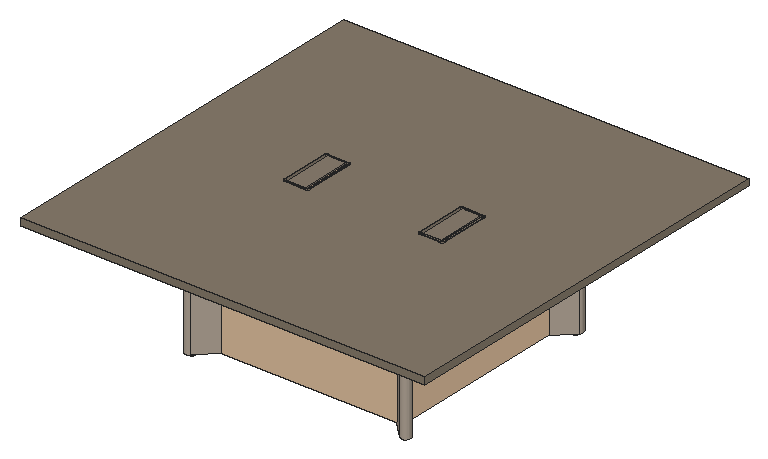
Revit family "Table-Teknion-CFSFFN_Figure_Table_Square_Gable_Enclosed_Base_Flat_Edge-R2023", category Furniture, Revit 2023 (continued)
Definition of nested family "Base"
  Dimensions and locks (in)
    aligned and locked: curve 11 to cut or joined group of Sweep 2, Sweep 3, Sweep 4
    aligned and locked: cut or joined group of Sweep 2, Sweep 3, Sweep 4 to curve 12
    aligned and locked: cut or joined group of Sweep 2, Sweep 3, Sweep 4 to curve 13
    aligned and locked: curve 14 to cut or joined group of Sweep 2, Sweep 3, Sweep 4
    aligned and locked: cut or joined group of Sweep 2, Sweep 3, Sweep 4 to curve 17
    aligned and locked: curve 18 to cut or joined group of Sweep 2, Sweep 3, Sweep 4
    aligned and locked: cut or joined group of Sweep 2, Sweep 3, Sweep 4 to curve 20
    aligned and locked: curve 21 to cut or joined group of Sweep 2, Sweep 3, Sweep 4
    aligned and locked: cut or joined group of Sweep 2, Sweep 3, Sweep 4 to curve 22
    aligned and locked: curve 23 to cut or joined group of Sweep 2, Sweep 3, Sweep 4
    aligned and locked: curve 33 to plane 27
    aligned and locked: curve 34 to plane 24
    aligned and locked: curve 35 to plane 23
    aligned and locked: curve 36 to plane 29
    aligned and locked: curve 37 to plane 28
    aligned and locked: curve 38 to plane 26
    aligned and locked: curve 39 to plane 25
    aligned and locked: curve 40 to plane 30
  Automatic sketch dimensions
    Sweep 2 sketch curve to profile plane = 0.000"  (x2)
    plane 1 "Center Front/Back" to Sweep 2 sketch curve = 0.000"  (x2)
    Sweep 2 sketch curve to Sweep 2 sketch curve = 0.70711"  (x10)
    plane 1 "Center Front/Back" to Sweep 2 sketch curve = 1.41421"
    profile plane to Sweep 2 sketch curve = 1.41421"
    plane 13 to curve 13 = 0.35355"
    plane 14 to curve 15 = 0.35355"
    plane 15 to curve 18 = 0.35355"
    plane 14 to curve 17 = 0.35355"
    plane 16 to curve 20 = 0.35355"
    plane 13 to curve 19 = 0.35355"
    plane 15 to curve 23 = 0.35355"
    plane 16 to curve 24 = 0.35355"
    curve 26 to plane 18 = 0.000"
    curve 25 to plane 19 = 0.000"
    curve 28 to plane 20 = 0.000"
    plane 19 to curve 29 = 0.750"
    plane 20 to curve 30 = 0.750"
    curve 31 to plane 17 = 0.000"
    curve 27 to curve 26 = 0.750"
    curve 32 to curve 27 = 1.41421"
  Nested families (in)
    nested 1: "Family2" at (8.8285, -8.8285, 0), Glide Finish <- "Glide Finish", type "Glide"
      with To render please download texture images found here "https://assets.teknion.com/web/5e81352c1dfdb467/revit-material-swatches/", How To Use Teknion Materials User Guide "https://assets.teknion.com/m/205dd0a49fa58060/original/How-to-add-a-Material-Library-and-Texture-Images-to-your-Revit-project.pdf", Glide Finish none, For Additional Finishes please visit "https://assets.teknion.com/m/44a8009b046e5d47/original/Teknion_Materials_Library.zip"
    nested 2: "Family2" at (8.8285, 8.8285, 0), Glide Finish <- "Glide Finish", type "Glide"
      with To render please download texture images found here "https://assets.teknion.com/web/5e81352c1dfdb467/revit-material-swatches/", How To Use Teknion Materials User Guide "https://assets.teknion.com/m/205dd0a49fa58060/original/How-to-add-a-Material-Library-and-Texture-Images-to-your-Revit-project.pdf", Glide Finish none, For Additional Finishes please visit "https://assets.teknion.com/m/44a8009b046e5d47/original/Teknion_Materials_Library.zip"
    nested 3: "Family2" at (-8.8285, -8.8285, 0), Glide Finish <- "Glide Finish", type "Glide"
      with To render please download texture images found here "https://assets.teknion.com/web/5e81352c1dfdb467/revit-material-swatches/", How To Use Teknion Materials User Guide "https://assets.teknion.com/m/205dd0a49fa58060/original/How-to-add-a-Material-Library-and-Texture-Images-to-your-Revit-project.pdf", Glide Finish none, For Additional Finishes please visit "https://assets.teknion.com/m/44a8009b046e5d47/original/Teknion_Materials_Library.zip"
    nested 4: "Family2" at (-8.8285, 8.8285, 0), Glide Finish <- "Glide Finish", type "Glide"
      with To render please download texture images found here "https://assets.teknion.com/web/5e81352c1dfdb467/revit-material-swatches/", How To Use Teknion Materials User Guide "https://assets.teknion.com/m/205dd0a49fa58060/original/How-to-add-a-Material-Library-and-Texture-Images-to-your-Revit-project.pdf", Glide Finish none, For Additional Finishes please visit "https://assets.teknion.com/m/44a8009b046e5d47/original/Teknion_Materials_Library.zip"
    nested 5: "Family2" at (23.688, -23.688, 0), Glide Finish <- "Glide Finish", type "Glide"
      with To render please download texture images found here "https://assets.teknion.com/web/5e81352c1dfdb467/revit-material-swatches/", How To Use Teknion Materials User Guide "https://assets.teknion.com/m/205dd0a49fa58060/original/How-to-add-a-Material-Library-and-Texture-Images-to-your-Revit-project.pdf", Glide Finish none, For Additional Finishes please visit "https://assets.teknion.com/m/44a8009b046e5d47/original/Teknion_Materials_Library.zip"
    nested 6: "Family2" at (-23.688, -23.688, 0), Glide Finish <- "Glide Finish", type "Glide"
      with To render please download texture images found here "https://assets.teknion.com/web/5e81352c1dfdb467/revit-material-swatches/", How To Use Teknion Materials User Guide "https://assets.teknion.com/m/205dd0a49fa58060/original/How-to-add-a-Material-Library-and-Texture-Images-to-your-Revit-project.pdf", Glide Finish none, For Additional Finishes please visit "https://assets.teknion.com/m/44a8009b046e5d47/original/Teknion_Materials_Library.zip"
    nested 7: "Family2" at (-23.688, 23.688, 0), Glide Finish <- "Glide Finish", type "Glide"
      with To render please download texture images found here "https://assets.teknion.com/web/5e81352c1dfdb467/revit-material-swatches/", How To Use Teknion Materials User Guide "https://assets.teknion.com/m/205dd0a49fa58060/original/How-to-add-a-Material-Library-and-Texture-Images-to-your-Revit-project.pdf", Glide Finish none, For Additional Finishes please visit "https://assets.teknion.com/m/44a8009b046e5d47/original/Teknion_Materials_Library.zip"
    nested 8: "Family2" at (23.688, 23.688, 0), Glide Finish <- "Glide Finish", type "Glide"
      with To render please download texture images found here "https://assets.teknion.com/web/5e81352c1dfdb467/revit-material-swatches/", How To Use Teknion Materials User Guide "https://assets.teknion.com/m/205dd0a49fa58060/original/How-to-add-a-Material-Library-and-Texture-Images-to-your-Revit-project.pdf", Glide Finish none, For Additional Finishes please visit "https://assets.teknion.com/m/44a8009b046e5d47/original/Teknion_Materials_Library.zip"
  Definition of nested family "Family2"
    Parameters (values of type "Glide")
      Warranty = "http://www.teknion.com/ca/papers/legal-canada"
      Unit Weight URL = "http://www.teknion.com/ca/tools/assets#&asset=bee6a381-b954-425e-8283-5a2de3a804f2,f828d448-4b62-4231-9e5f-9a8991c0ed77"
      URL = "www.teknion.com"
      To render please download texture images found here [instance] = "https://assets.teknion.com/web/5e81352c1dfdb467/revit-material-swatches/"
      Sustainability Data = "https://www.teknion.com/ca/tools/assets#&topic=216f99a5-57a0-44fc-b10a-9dee9b29ae4c&asset=444deb64-fe58-4b68-981e-f75e97781df7,b4ff2d81-9f2e-437d-9659-7cffb09c31cf"
      Series = ""
      Product Page URL = ""
      Product Line = ""
      Product Documentation Link = ""
      Part Number = ""
      Model = ""
      Manufacturer Phone = "416-661-3370"  # constant formula
      Manufacturer Fax = "416.661.4586"  # constant formula
      Manufacturer Contact Information = "http://www.teknion.com/ca/contactus"
      Manufacturer Address = "1150 Flint Road, Toronto, ON. M3J 2J5. Canada"  # constant formula
      Manufacturer = "Teknion"  # constant formula
      How To Use Teknion Materials User Guide [instance] = "https://assets.teknion.com/m/205dd0a49fa58060/original/How-to-add-a-Material-Library-and-Texture-Images-to-your-Revit-project.pdf"
      Glide Finish [instance] = none
      For Additional Finishes please visit [instance] = "https://assets.teknion.com/m/44a8009b046e5d47/original/Teknion_Materials_Library.zip"
      Description = "Glide"
      Default Elevation = 0.000"
      Assembly Code = "E2020200"
    Reference planes (in)
      plane 1 "Center Front/Back": y = 0
      plane 2: z = 0
      plane 3 "Center Left/Right": x = 0
      plane 4 "Left": x = -0.5
      plane 5 "Right": x = 0.5
      plane 6 "Back": y = 0.5
      plane 7 "Front": y = -0.5
      plane 8 "Top": z = 0.5
    Forms (in)
      Sweep 1, solid, material <- "Glide Finish"
        path origin (0, 0, 0) x (1, 0, 0) y (0, 0, 1)
          loop
            line (0, 0.5) -> (0, 0.375)
        profile origin (0, 0, 0.4375) x (0, -1, 0) y (1, 0, 0)
          loop
            line (-0.3125, 0.18042) -> (-0.3125, -0.18042) -> (0, -0.36084) -> (0.3125, -0.18042) -> (0.3125, 0.18042) -> (0, 0.36084) -> (-0.3125, 0.18042)
      Revolve 2, solid, material <- "Glide Finish"
        sketch origin (0, 0, 0) x (1, 0, 0) y (0, 0, 1)
          loop
            arc (-0.4, 0.375) -> (-0.47071, 0.34571) -> (-0.5, 0.275) r 0.1
            line (-0.5, 0.275) -> (-0.5, 0.1)
            arc (-0.5, 0.1) -> (-0.47071, 0.02929) -> (-0.4, 0) r 0.1
            line (-0.4, 0) -> (0, 0) -> (0, 0.375) -> (-0.4, 0.375)
          axis (0, 0) -> (0, 0.375)
        angle from 0 to 360
    Lines and regions (in)
      symbolic lines, detail levels fine
        curve 1: line (0.18042, 0.3125, 0) -> (-0.18042, 0.3125, 0)
        curve 2: line (-0.18042, 0.3125, 0) -> (-0.36084, 0, 0)
        curve 3: line (-0.36084, 0, 0) -> (-0.18042, -0.3125, 0)
        curve 4: line (-0.18042, -0.3125, 0) -> (0.18042, -0.3125, 0)
        curve 5: line (0.18042, -0.3125, 0) -> (0.36084, 0, 0)
        curve 6: line (0.36084, 0, 0) -> (0.18042, 0.3125, 0)
        curve 7: circle (0, 0, 0) r 0.5 normal (0, 0, 1)
    Dimensions and locks (in)
      plane 4 "Left" to plane 5 "Right" = 1.000"
      plane 6 "Back" to plane 7 "Front" = 1.000"
      plane 8 "Top" to level = 0.500"
      equal spacing: plane 7 "Front", plane 1 "Center Front/Back", plane 6 "Back"
      equal spacing: plane 4 "Left", plane 3 "Center Left/Right", plane 5 "Right"
      aligned and locked: level to plane 2
    Automatic sketch dimensions
      Sweep 1 sketch curve to plane 3 "Center Left/Right" = 0.000"
      Sweep 1 sketch curve to plane 8 "Top" = 0.000"
      Sweep 1 sketch curve to Sweep 1 sketch curve = 0.125"
      plane 1 "Center Front/Back" to Sweep 1 sketch curve = 0.000"  (x2)
      Sweep 1 sketch curve to plane 1 "Center Front/Back" = 0.3125"
      plane 1 "Center Front/Back" to Sweep 1 sketch curve = 0.3125"
      profile plane to Sweep 1 sketch curve = 0.36084"
      profile plane to Sweep 1 sketch curve = 0.18042"  (x2)
      Sweep 1 sketch curve to profile plane = 0.18042"  (x2)
      Sweep 1 sketch curve to Sweep 1 sketch curve = 0.18042"
      Revolve 2 sketch curve to plane 4 "Left" = 0.000"
      Revolve 2 sketch curve to level = 0.000"
      Revolve 2 sketch curve to plane 3 "Center Left/Right" = 0.000"  (x2)
      plane 4 "Left" to Revolve 2 sketch curve = 0.100"  (x2)
      Revolve 2 sketch curve to Revolve 2 sketch curve = 0.175"
      Revolve 2 sketch curve to Revolve 2 sketch curve = 0.05184"
      plane 8 "Top" to Revolve 2 sketch curve = 0.13729"
      plane 1 "Center Front/Back" to curve 2 = 0.000"
      plane 1 "Center Front/Back" to curve 7 = 0.000"
      curve 7 to plane 3 "Center Left/Right" = 0.000"
      plane 1 "Center Front/Back" to curve 6 = 0.000"
      curve 4 to plane 3 "Center Left/Right" = 0.18042"
      curve 1 to plane 3 "Center Left/Right" = 0.18042"
      plane 4 "Left" to curve 3 = 0.13916"
      plane 3 "Center Left/Right" to curve 5 = 0.18042"
      plane 3 "Center Left/Right" to curve 1 = 0.18042"
      plane 5 "Right" to curve 6 = 0.13916"
      curve 5 to plane 7 "Front" = 0.1875"
      curve 1 to plane 6 "Back" = 0.1875"
      radius of curve 7 = 0.500"
Definition of nested family "Family2"
  Parameters (values of type "Glide")
    Warranty = "http://www.teknion.com/ca/papers/legal-canada"
    Unit Weight URL = "http://www.teknion.com/ca/tools/assets#&asset=bee6a381-b954-425e-8283-5a2de3a804f2,f828d448-4b62-4231-9e5f-9a8991c0ed77"
    URL = "www.teknion.com"
    To render please download texture images found here [instance] = "https://assets.teknion.com/web/5e81352c1dfdb467/revit-material-swatches/"
    Sustainability Data = "https://www.teknion.com/ca/tools/assets#&topic=216f99a5-57a0-44fc-b10a-9dee9b29ae4c&asset=444deb64-fe58-4b68-981e-f75e97781df7,b4ff2d81-9f2e-437d-9659-7cffb09c31cf"
    Series = ""
    Product Page URL = ""
    Product Line = ""
    Product Documentation Link = ""
    Part Number = ""
    Model = ""
    Manufacturer Phone = "416-661-3370"  # constant formula
    Manufacturer Fax = "416.661.4586"  # constant formula
    Manufacturer Contact Information = "http://www.teknion.com/ca/contactus"
    Manufacturer Address = "1150 Flint Road, Toronto, ON. M3J 2J5. Canada"  # constant formula
    Manufacturer = "Teknion"  # constant formula
    How To Use Teknion Materials User Guide [instance] = "https://assets.teknion.com/m/205dd0a49fa58060/original/How-to-add-a-Material-Library-and-Texture-Images-to-your-Revit-project.pdf"
    Glide Finish [instance] = none
    For Additional Finishes please visit [instance] = "https://assets.teknion.com/m/44a8009b046e5d47/original/Teknion_Materials_Library.zip"
    Description = "Glide"
    Default Elevation = 0.000"
    Assembly Code = "E2020200"
  Reference planes (in)
    plane 1 "Center Front/Back": y = 0
    plane 2: z = 0
    plane 3 "Center Left/Right": x = 0
    plane 4 "Left": x = -0.5
    plane 5 "Right": x = 0.5
    plane 6 "Back": y = 0.5
    plane 7 "Front": y = -0.5
    plane 8 "Top": z = 0.5
  Forms (in)
    Sweep 1, solid, material <- "Glide Finish"
      path origin (0, 0, 0) x (1, 0, 0) y (0, 0, 1)
        loop
          line (0, 0.5) -> (0, 0.375)
      profile origin (0, 0, 0.4375) x (0, -1, 0) y (1, 0, 0)
        loop
          line (-0.3125, 0.18042) -> (-0.3125, -0.18042) -> (0, -0.36084) -> (0.3125, -0.18042) -> (0.3125, 0.18042) -> (0, 0.36084) -> (-0.3125, 0.18042)
    Revolve 2, solid, material <- "Glide Finish"
      sketch origin (0, 0, 0) x (1, 0, 0) y (0, 0, 1)
        loop
          arc (-0.4, 0.375) -> (-0.47071, 0.34571) -> (-0.5, 0.275) r 0.1
          line (-0.5, 0.275) -> (-0.5, 0.1)
          arc (-0.5, 0.1) -> (-0.47071, 0.02929) -> (-0.4, 0) r 0.1
          line (-0.4, 0) -> (0, 0) -> (0, 0.375) -> (-0.4, 0.375)
        axis (0, 0) -> (0, 0.375)
      angle from 0 to 360
  Lines and regions (in)
    symbolic lines, detail levels fine
      curve 1: line (0.18042, 0.3125, 0) -> (-0.18042, 0.3125, 0)
      curve 2: line (-0.18042, 0.3125, 0) -> (-0.36084, 0, 0)
      curve 3: line (-0.36084, 0, 0) -> (-0.18042, -0.3125, 0)
      curve 4: line (-0.18042, -0.3125, 0) -> (0.18042, -0.3125, 0)
      curve 5: line (0.18042, -0.3125, 0) -> (0.36084, 0, 0)
      curve 6: line (0.36084, 0, 0) -> (0.18042, 0.3125, 0)
      curve 7: circle (0, 0, 0) r 0.5 normal (0, 0, 1)
  Dimensions and locks (in)
    plane 4 "Left" to plane 5 "Right" = 1.000"
    plane 6 "Back" to plane 7 "Front" = 1.000"
    plane 8 "Top" to level = 0.500"
    equal spacing: plane 7 "Front", plane 1 "Center Front/Back", plane 6 "Back"
    equal spacing: plane 4 "Left", plane 3 "Center Left/Right", plane 5 "Right"
    aligned and locked: level to plane 2
  Automatic sketch dimensions
    Sweep 1 sketch curve to plane 3 "Center Left/Right" = 0.000"
    Sweep 1 sketch curve to plane 8 "Top" = 0.000"
    Sweep 1 sketch curve to Sweep 1 sketch curve = 0.125"
    plane 1 "Center Front/Back" to Sweep 1 sketch curve = 0.000"  (x2)
    Sweep 1 sketch curve to plane 1 "Center Front/Back" = 0.3125"
    plane 1 "Center Front/Back" to Sweep 1 sketch curve = 0.3125"
    profile plane to Sweep 1 sketch curve = 0.36084"
    profile plane to Sweep 1 sketch curve = 0.18042"  (x2)
    Sweep 1 sketch curve to profile plane = 0.18042"  (x2)
    Sweep 1 sketch curve to Sweep 1 sketch curve = 0.18042"
    Revolve 2 sketch curve to plane 4 "Left" = 0.000"
    Revolve 2 sketch curve to level = 0.000"
    Revolve 2 sketch curve to plane 3 "Center Left/Right" = 0.000"  (x2)
    plane 4 "Left" to Revolve 2 sketch curve = 0.100"  (x2)
    Revolve 2 sketch curve to Revolve 2 sketch curve = 0.175"
    Revolve 2 sketch curve to Revolve 2 sketch curve = 0.05184"
    plane 8 "Top" to Revolve 2 sketch curve = 0.13729"
    plane 1 "Center Front/Back" to curve 2 = 0.000"
    plane 1 "Center Front/Back" to curve 7 = 0.000"
    curve 7 to plane 3 "Center Left/Right" = 0.000"
    plane 1 "Center Front/Back" to curve 6 = 0.000"
    curve 4 to plane 3 "Center Left/Right" = 0.18042"
    curve 1 to plane 3 "Center Left/Right" = 0.18042"
    plane 4 "Left" to curve 3 = 0.13916"
    plane 3 "Center Left/Right" to curve 5 = 0.18042"
    plane 3 "Center Left/Right" to curve 1 = 0.18042"
    plane 5 "Right" to curve 6 = 0.13916"
    curve 5 to plane 7 "Front" = 0.1875"
    curve 1 to plane 6 "Back" = 0.1875"
    radius of curve 7 = 0.500"
Definition of nested family "Teknion_2D_Node_Family-R2021"
  Reference planes (in)
    plane 1 "Center (Front/Back)": y = 0
    plane 2: z = 0
    plane 3 "Center (Left/Right)": x = 0
  Lines and regions (in)
    detail lines, in view "Ref. Level"
      curve 1: circle (0, 0, 0) r 1.25 normal (0, 0, 1)
      curve 2: line (1.91508, -1.91508, 0) -> (-1.91508, 1.91508, 0)
      curve 3: line (-1.91508, -1.91508, 0) -> (1.91508, 1.91508, 0)
